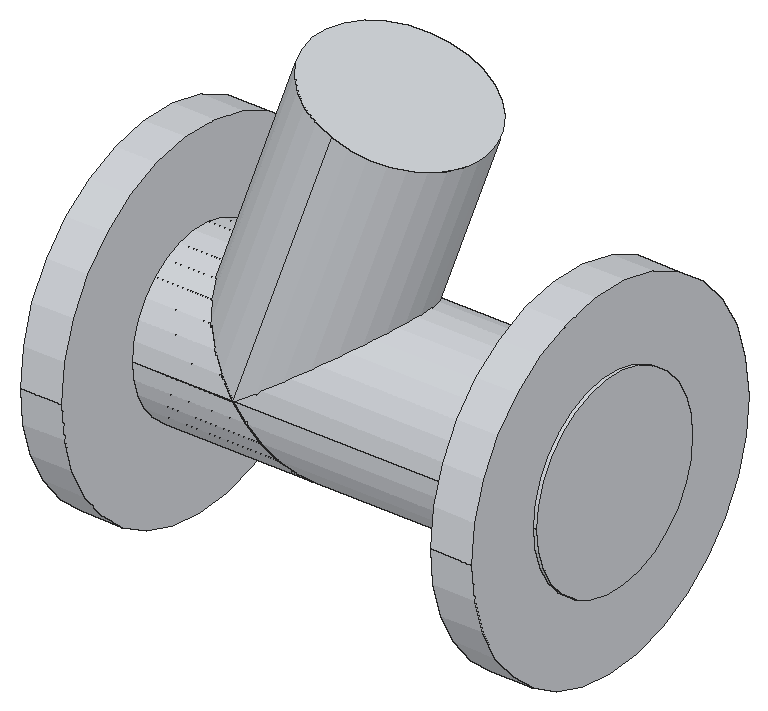
Revit family "447-DN-RFA_2018", category Pipe Accessories, Revit 2018
Family settings
  Round Connector Dimension = Use Diameter
  Part Type = Valve - Breaks Into
  Work Plane-Based = No
  Always vertical = Yes
  Cut with Voids When Loaded = No
  Shared = No
Parameters (values of type "447-DN040")
  magiProductId = "1b02107dafeb4f5588628c478854c2"
  magiProductFamilyId = "b72cb932c1b3471491e3d369876ba1"
  magiPartTypeId = 304
  isMeasuringValve [instance] = no
  ang2D [instance] = 0.00°
  X2 = 42.71 mm
  X1 = 28 mm
  W2D = 100 mm
  VersionID = "2.0/2017.9.26.1/ZETKAMA_447_001"
  Use Minimum Symbol Size [instance] = yes
  URL = "http://www.hydronix.cz"
  Type Comments = "přírubový; PN16; -10~+120°C"
  S = 84 mm
  QmdConnectorList = "301;D;302;D"
  Productdata [instance] = ""
  Manufacturer = "Hydronix"
  MC Product Code = "447 040 (DN40; PN16 kvs22,36)"
  MC Piping Given Pressure Drop [instance] = 0.0 Pa
  LM1 = 16 mm
  LM = 160 mm
  L2D_Min = 3048 mm
  L2D = 350 mm
  L2 = 100 mm
  HH1 = 117.345 mm
  FD = 150 mm
  Description = "Ruční vyvažovací ventil přírubový; DN40; PN16; kvs22,36"
  DT = 74 mm
  D = 40 mm
  CC = 2 mm
  CAT0 = yes
  C1 = 18 mm
  C = 20 mm
Types (10, lengths in mm): name | magiProductId | X2 | X1 | S | MC Product Code | LM1 | LM | L2 | HH1 | FD | Description | DT | D | CC | C1 | C
  447-DN100 | "98b46d48787042dd9a812fc0797c69" | 79.261 | 49 | 156 | "447 100 (DN100; PN16 kvs184,7)" | 28 | 280 | 175 | 217.769 | 220 | "Ruční vyvažovací ventil přírubový; DN100; PN16; kvs184,7" | 130 | 100 | 3.5 | 31.5 | 35
  447-DN125 | "02b47ccb17f74d08923d86f3fe118e" | 86.541 | 56 | 184 | "447 125 (DN125; PN16 kvs285,1)" | 32 | 320 | 200 | 237.769 | 250 | "Ruční vyvažovací ventil přírubový; DN125; PN16; kvs285,1" | 130 | 125 | 4 | 36 | 40
  447-DN150 | "7f7b5672e2b748ca8839732ddacd1d" | 95.64 | 67.2 | 211 | "447 150 (DN150; PN16 kvs390,2)" | 38.4 | 384 | 240 | 262.769 | 285 | "Ruční vyvažovací ventil přírubový; DN150; PN16; kvs390,2" | 130 | 150 | 4.8 | 43.2 | 48
  447-DN200 | "e1019e6fc9b647ceac6d31797e2f53" | 155.411 | 84 | 266 | "447 200 (DN200; PN16 kvs710)" | 48 | 480 | 300 | 426.987 | 340 | "Ruční vyvažovací ventil přírubový; DN200; PN16; kvs710" | 310 | 200 | 6 | 54 | 60
  447-DN250 | "a0eac83e29f84220b7ba68901aa49e" | 171.789 | 102.2 | 319 | "447 250 (DN250; PN16 kvs1188)" | 58.4 | 584 | 365 | 471.987 | 405 | "Ruční vyvažovací ventil přírubový; DN250; PN16; kvs1188" | 310 | 250 | 7.3 | 65.7 | 73
  447-DN300 | "476300b2e87f4f20bd49d272c44436" | 175.429 | 119 | 370 | "447 300 (DN300; PN16 kvs1504)" | 68 | 680 | 425 | 481.987 | 460 | "Ruční vyvažovací ventil přírubový; DN300; PN16; kvs1504" | 310 | 300 | 8.5 | 76.5 | 85
  447-DN040 | "1b02107dafeb4f5588628c478854c2" | 42.71 | 28 | 84 | "447 040 (DN40; PN16 kvs22,36)" | 16 | 160 | 100 | 117.345 | 150 | "Ruční vyvažovací ventil přírubový; DN40; PN16; kvs22,36" | 74 | 40 | 2 | 18 | 20
  447-DN050 | "5ed7087ff739473a8b86e2dbbe5062" | 42.71 | 32.2 | 99 | "447 050 (DN50; PN16 kvs32,15)" | 18.4 | 184 | 115 | 117.345 | 165 | "Ruční vyvažovací ventil přírubový; DN50; PN16; kvs32,15" | 74 | 50 | 2.3 | 20.7 | 23
  447-DN065 | "bd77367604f142d88050bf73c88c7b" | 71.982 | 40.6 | 118 | "447 065 (DN65; PN16 kvs88,8)" | 23.2 | 232 | 145 | 197.769 | 185 | "Ruční vyvažovací ventil přírubový; DN65; PN16; kvs88,8" | 130 | 65 | 2.9 | 26.1 | 29
  447-DN080 | "7399fcf493614c92ad9035a8ac3adf" | 71.982 | 43.4 | 132 | "447 080 (DN80; PN16 kvs113,4)" | 24.8 | 248 | 155 | 197.769 | 200 | "Ruční vyvažovací ventil přírubový; DN80; PN16; kvs113,4" | 130 | 80 | 3.1 | 27.9 | 31
Reference planes
  plane 1 "Center (Front/Back)": y = 0
  plane 2 "XYPLANE": z = 0
  plane 3 "Center (Left/Right)": x = 0
  plane 4 "110": x = 6.71
  plane 5 "109": z = 117.345
  plane 6 "108": x = -36
  plane 7 "107": x = 98
  plane 8 "106": x = -98
  plane 9 "105": z = 0
  plane 10 "104": y = 0
  plane 11 "103": x = -100
  plane 12 "102": x = 100
  plane 13 "100": x = -80
  plane 14 "99": x = 80
  plane 15 "98": x = -64
Forms (mm)
  Extrusion 1, solid, visible <- "CAT0"
    sketch origin (-80, -750, 0) x (0, 1, 0) y (0, 0, 1)
      loop
        circle (750, 0) r 37
    from 0 to 160 <- "LM"
  Sweep 2, solid, visible <- "CAT0"
    path origin (750, 0, 0) x (-1, 0, 0) y (0, 0, 1)
      loop
        line (830, 0) -> (786, 0) -> (743.29, 117.345)
    profile origin (-80, 0, 0) x (0, 0, -1) y (0, 1, 0)
      loop
        circle (0, 0) r 37
  Extrusion 3, solid
    sketch origin (98, -750, 0) x (0, 1, 0) y (0, 0, 1)
      loop
        circle (750, 0) r 42
    from 0 to 2 <- "CC"
  Extrusion 4, solid
    sketch origin (80, -750, 0) x (0, 1, 0) y (0, 0, 1)
      loop
        circle (750, 0) r 75
    from 0 to 18 <- "C1"
  Extrusion 5, solid
    sketch origin (-98, -750, 0) x (0, 1, 0) y (0, 0, 1)
      loop
        circle (750, 0) r 75
    from 0 to 18 <- "C1"
  Extrusion 6, solid
    sketch origin (-100, -750, 0) x (0, 1, 0) y (0, 0, 1)
      loop
        circle (750, 0) r 42
    from 0 to 2 <- "CC"
  Extrusion 7, solid, not visible
    sketch origin (-100, -750, 0) x (0, 1, 0) y (0, 0, 1)
      loop
        circle (750, 0) r 10
    from 0 to 10
  Extrusion 8, solid, not visible
    sketch origin (100, -750, 0) x (0, 1, 0) y (0, 0, 1)
      loop
        circle (750, 0) r 10
    from 0 to -10
Lines and regions (mm)
  reference lines, not visible
    curve 1: circle (2, 2, 0) r 1 normal (0, 0, 1)
Dimensions and locks
  plane 1 "Center (Front/Back)" to curve 1 = 2 mm
  "X2": plane 6 "108" to plane 4 "110"
  "HH1": plane 2 "XYPLANE" to plane 5 "109"
  "X1": plane 15 "98" to plane 6 "108"
  "C1": plane 14 "99" to plane 7 "107"
  "CC": plane 11 "103" to plane 8 "106"
  locked: plane 2 "XYPLANE" to plane 9 "105"
  locked: plane 1 "Center (Front/Back)" to plane 10 "104"
  "L2": plane 3 "Center (Left/Right)" to plane 11 "103"
  "L2": plane 3 "Center (Left/Right)" to plane 12 "102"
  "C": plane 11 "103" to plane 13 "100"
  "LM": plane 13 "100" to plane 14 "99"
  "LM1": plane 13 "100" to plane 15 "98"
  Sweep 2 sketch curve to Sweep 2 sketch curve = 0 mm  (x2)
  "DT": diameter of Extrusion 1 sketch curve
  "DT": diameter of Sweep 2 sketch curve
  "S": diameter of Extrusion 3 sketch curve
  "FD": diameter of Extrusion 4 sketch curve
  "FD": diameter of Extrusion 5 sketch curve
  "S": diameter of Extrusion 6 sketch curve
  aligned and locked: level to plane 2 "XYPLANE"
  aligned and locked: plane 9 "105" to Extrusion 1 sketch curve
  aligned and locked: Extrusion 1 sketch curve to plane 10 "104"
  aligned and locked: plane 9 "105" to Sweep 2 sketch curve  (x3)
  aligned and locked: Sweep 2 sketch curve to plane 10 "104"
  aligned and locked: plane 13 "100" to Sweep 2 sketch curve
  aligned and locked: plane 6 "108" to Sweep 2 sketch curve
  aligned and locked: plane 4 "110" to Sweep 2 sketch curve
  aligned and locked: plane 5 "109" to Sweep 2 sketch curve
  aligned and locked: plane 9 "105" to Extrusion 3 sketch curve
  aligned and locked: Extrusion 3 sketch curve to plane 10 "104"
  aligned and locked: plane 9 "105" to Extrusion 4 sketch curve
  aligned and locked: Extrusion 4 sketch curve to plane 10 "104"
  aligned and locked: plane 9 "105" to Extrusion 5 sketch curve
  aligned and locked: Extrusion 5 sketch curve to plane 10 "104"
  aligned and locked: plane 9 "105" to Extrusion 6 sketch curve
  aligned and locked: Extrusion 6 sketch curve to plane 10 "104"
  aligned and locked: plane 9 "105" to Extrusion 7 sketch curve
  aligned and locked: Extrusion 7 sketch curve to plane 10 "104"
  aligned and locked: plane 9 "105" to Extrusion 8 sketch curve
  aligned and locked: Extrusion 8 sketch curve to plane 10 "104"
Automatic sketch dimensions
  plane 1 "Center (Front/Back)" to Extrusion 7 sketch curve = 10 mm
  plane 1 "Center (Front/Back)" to Extrusion 8 sketch curve = 10 mm
  plane 3 "Center (Left/Right)" to curve 1 = 2 mm
  radius of curve 1 = 1 mm
Connectors
  piping at (-100, 0, 0), diameter 40, driven by "D"
    settings: on Extrusion 7, index 1, connector inside diameter 609.6 mm, connector length 0 mm, flow factor 0, pipe flow 0.0 L/s, pressure drop 0.0 Pa, fitting loss kfactor 0, connector angle 0.00°, fixture units 0, engagement length 0 mm, angle of deflection 0.00°, flow configuration 0, flow direction 0, fitting loss method 0, system type 29, joint type 0, gender type 0, connector reference index 2, connector utility 0, adjustable connector no, is connector primary yes, connector description ""
  piping at (100, 0, 0), diameter 40, driven by "D"
    settings: on Extrusion 8, index 2, connector inside diameter 609.6 mm, connector length 0 mm, flow factor 0, pipe flow 0.0 L/s, pressure drop 0.0 Pa, fitting loss kfactor 0, connector angle 0.00°, fixture units 0, engagement length 0 mm, angle of deflection 0.00°, flow configuration 0, flow direction 0, fitting loss method 0, system type 29, joint type 0, gender type 0, connector reference index 1, connector utility 0, adjustable connector no, is connector primary no, connector description ""
